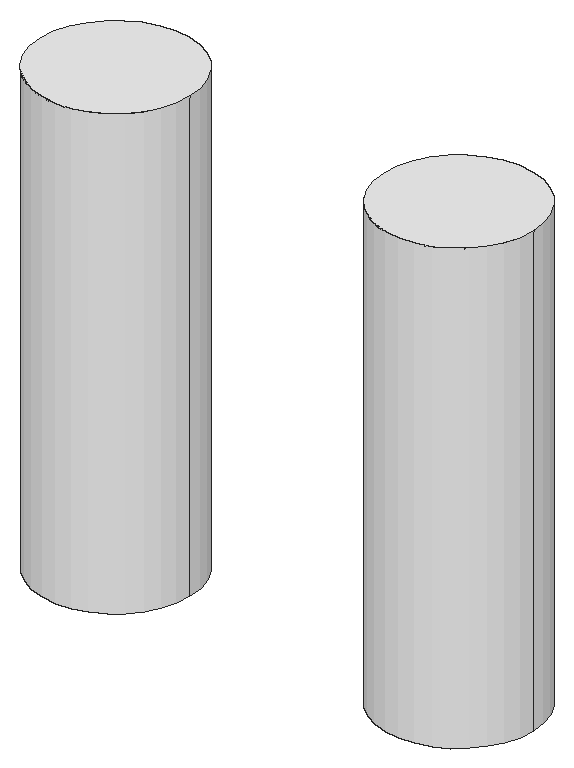
Revit family "5256226700006(2023)", category Plumbing Fixtures, Revit 2020
Family settings
  Round Connector Dimension = Use Diameter
  Part Type = Normal
  OmniClass Number = 23.45.55.00
  OmniClass Title = Sanitary Faucets, Wastes
  Work Plane-Based = No
  Always vertical = Yes
  Cut with Voids When Loaded = No
  Shared = No
  Room Calculation Point = No
Parameters (values of type "5256226700006 Washbasin faucet")
  Working Pressure = "50 - 1000 kPa"
  WarrantyStartDate [instance] = "n/a"
  WarrantyGuarantorParts = "n/a"
  WarrantyGuarantorLabor = "n/a"
  WarrantyDurationUnit = "Year"
  WarrantyDurationParts = "n/a"
  WarrantyDurationLabor = "n/a"
  WarrantyDescription = "http://warranty.hansa.com"
  Warranty Information URL = "http://warranty.hansa.com"
  VersionDate = "17/01/2024"
  Version = "1"
  ValvePattern = "n/a"
  ValveOperation = "n/a"
  ValveMechanism = "n/a"
  Uniclass2015Reference = "Pr_40_20_87_96"
  Uniclass2015Description = "Washbasin manual water supply sets"
  Uniclass2 = "Pr_40_30_96_96"
  URL REACH = "http://static.hansa.com/doc/reach"
  URL EcoLabel Declaration = "http://static.hansa.com/doc/EcoLabel"
  URL EU Packaging Declaration = "http://static.hansa.com/doc/packaging"
  URL Declaration of SCIP = "http://static.hansa.com/doc/SCIP"
  URL Declaration of Conformity = "http://static.hansa.com/DoC/5256226700006"
  URL Declaration of Asbestos = "http://static.hansa.com/doc/asbestos"
  URL Declaration Of Performance (DOP) = "http://static.hansa.com/doc/DoP"
  URL = ""
  UNSPSC Class Number = "30181700 Faucets or taps"
  Type Comments = ""
  TestPressure = "n/a"
  Temperature Adjustments = "Limitation option for maximum temperature and flow-rate ;Energy saving variation - cold water in the middle position"
  Technical DataSheet URL = "http://www.hansa.com/datasheet/5256226700006/en"
  TagNumber [instance] = "n/a"
  SustainabilityPerformance = "n/a"
  Surface treatment = "Chrome"
  Spout Type = "Fixed spout"
  Spout Projection = "114 mm"
  Size = "50x170x200 mm"
  Shape = "Sculptured"
  SerialNumber [instance] = "n/a"
  Sales Package dimensions (LxWxH) = "380 x 180 x 74"
  Revision = "n/a"
  ReplacementCost = "n/a"
  ProductInformation = "n/a"
  Product URL = "http://static.hansa.com/5256226700006"
  Product Image URL = "http://static.hansa.com/image/5256226700006"
  Product Family = "HANSAVANTIS XL"
  Product Code = "5256226700006"
  OperatingMechanismMaterial = "n/a"
  NominalWidth = 46.499 mm
  NominalHeight = 188.5 mm
  NominalDepth = 165.09 mm
  Name_en = "5256226700006 Washbasin faucet"
  Name = "5256226700006 Washbasin faucet"
  NBSReference = "45-35-70/371"
  NBSDescription = "Water supply fittings for wash basins and troughs"
  Mounting Holes = "1 hole"
  ModelReference = "5256226700006"
  ModelNumber = "n/a"
  Model = "5256226700006 Washbasin faucet"
  Mobile Product Information URL = "http://mpi.hansa.com/5256226700006"
  Mechanical Parts = "30Cartridge"
  Max. Hot Water Supply = 70 °C
  Material = "Brass"
  Market = "International;Germany;Austria;Belgium;Netherlands"
  ManufacturerURL = "http://www.hansa.com"
  ManufacturerName = "HANSA"
  Manufacturer = "HANSA"
  Lever Handle = "Single operating lever/handle;Pin shape;Hot/Cold symbols"
  Keynote = ""
  Interactive AR View URL = "https://static.hansa.com/AR/5256226700006"
  InstallationDate [instance] = "n/a"
  Installation and Maintenance Guide URL = "http://static.hansa.com/manual/5256226700006"
  Installation Type = "Deck mounted"
  InletConnectionSize = 10 mm
  IfcExportType = "FAUCET"  # constant formula
  IfcExportAs = "IfcValveType"  # constant formula
  Group = "Washbasin faucet"
  Grade = "n/a"
  FlowCoefficient = 0
  Finish = "Polished"
  Features = "Single-lever;"
  FaucetMainMaterial = Brass
  FDV Document URL = "http://www.hansa.com/datasheet/5256226700006/en/fdv"
  Extensions = "Pop-up waste with draw-rod"
  ExpectedLife = "n/a"
  ETIM Class Number = "EC011328 Washbasin mixing tap"
  EN Standard = "EN 817"
  EAN Number = "4057304020391"
  DurationUnit = "Year"
  Dimension Drawing URL = "http://static.hansa.com/dimdrw/5256226700006"
  Description = ""
  DefaultElevation [instance] = 900 mm
  Default Elevation = 0 mm
  Constituents = "n/a"
  Connection Size = "G3/8"
  Connection = "Flexible inlet pipes"
  Color = "Chrome"
  CodePerformance = "n/a"
  CloseOffRating = 0
  Catalog Drawing URL = "http://static.hansa.com/catdrw/5256226700006"
  Brand = "HANSA"
  BodyMaterial = "Brass"
  Barcode [instance] = "n/a"
  Backflow Prevention EN1717 = "AA"
  BIMObjectName = "5256226700006(2023)"
  Author = "BIMStone"
  AssetType = "Fixed"
  AssetIdentifier [instance] = "n/a"
  Aerator = "PCA® - constant flow rate regardless of pressure variations"
  Advanced Features = "Inner body made of DZR brass;3S-installation system for safe and simple mounting"
  AccessibilityPerformance = "n/a"
  3D View = "https://static.hansa.com/AR/5256226700006"
  2D/3D/BIM Files URL = "http://static.hansa.com/bim/5256226700006"
Reference planes
  plane 1 "Center (Front/Back)": y = 0
  plane 2: z = 0
  plane 3 "Center (Left/Right)": x = 0
  plane 4: x = -23.249
  plane 5: z = 900
  plane 6: z = 870
  plane 7: y = -165.09
  plane 8: x = 23.249
  plane 9: z = 1088.5
Forms (mm)
  Extrusion 1, solid, material "Brass" <- "FaucetMainMaterial"
    sketch origin (0, -17.5, 0) x (1, 0, 0) y (0, 1, 0)
      loop
        circle (-11.5, -22.5) r 5
      loop
        circle (11.5, -22.5) r 5
    from 870 to 900
Dimensions and locks
  "DefaultElevation": plane 5 to level
  locked: plane 5 to plane 6 at 30
  "NominalDepth": plane 7 to plane 1 "Center (Front/Back)"
  equal spacing: plane 4, plane 3 "Center (Left/Right)", plane 8
  "NominalHeight": plane 9 to plane 5
  "NominalWidth": plane 4 to plane 8
  "InletConnectionSize": diameter of Extrusion 1 sketch curve  (x2)
  aligned and locked: level to plane 2
  aligned and locked: plane 5 to Extrusion 1
  aligned and locked: Extrusion 1 to plane 6
  aligned and locked: plane 1 "Center (Front/Back)" to nested 2
  aligned and locked: plane 3 "Center (Left/Right)" to nested 2
  aligned and locked: plane 3 "Center (Left/Right)" to nested 1
  aligned and locked: plane 1 "Center (Front/Back)" to nested 1
  aligned and locked: plane 7 to nested 2
Automatic sketch dimensions
  Extrusion 1 sketch curve to plane 3 "Center (Left/Right)" = 11.5 mm
  plane 3 "Center (Left/Right)" to Extrusion 1 sketch curve = 11.5 mm
  plane 1 "Center (Front/Back)" to Extrusion 1 sketch curve = 40 mm  (x2)
Nested families
  nested 1: "Symbol" at (0, 0, 0), type "Symbol", detail levels coarse
  nested 2: "5256226700006" at (0, 0, 900), main material <- "FaucetMainMaterial", type "5256226700006.p"
    with main material Brass
Connectors
  piping at (-11.5, -40, 870), diameter 10, driven by "InletConnectionSize"
    settings: on Extrusion 1, index 1, connector inside diameter 609.6 mm, connector length 0 mm, flow factor 0, pipe flow 0.2 L/s, pressure drop 0.0 Pa, fitting loss kfactor 0, connector angle 0.00°, fixture units 0, engagement length 0 mm, angle of deflection 0.00°, flow configuration 1, flow direction 1, fitting loss method 0, system type 19, joint type 0, gender type 0, connector reference index -1, connector utility 0, adjustable connector no, is connector primary yes, connector description ""
  piping at (11.5, -40, 870), diameter 10, driven by "InletConnectionSize"
    settings: on Extrusion 1, index 2, connector inside diameter 609.6 mm, connector length 0 mm, flow factor 0, pipe flow 0.2 L/s, pressure drop 0.0 Pa, fitting loss kfactor 0, connector angle 0.00°, fixture units 0, engagement length 0 mm, angle of deflection 0.00°, flow configuration 1, flow direction 1, fitting loss method 0, system type 20, joint type 0, gender type 0, connector reference index -1, connector utility 0, adjustable connector no, is connector primary no, connector description ""
Definition of nested family "Symbol"
  Reference planes
    plane 1: y = 0
    plane 2: x = 0
  Lines and regions (mm)
    detail lines
      curve 1: line (0, 0, 0) -> (0, -1.8, 0)
      curve 2: line (-0.4, -1.1, 0) -> (0.4, -1.1, 0)
      curve 3: line (-0.4, -1.4, 0) -> (0.4, -1.4, 0)
      curve 4: line (0.863, 0, 0) -> (-0.863, 0, 0)
      curve 5: circle (-1.163, 0, 0) r 0.3 normal (0, 0, -1)
      curve 6: circle (1.163, 0, 0) r 0.3 normal (0, 0, 1)
Definition of nested family "5256226700006"
  Parameters (values of type "52562267(2022)Body")
    main material [instance] = none
    Default Elevation = 0 mm
  Reference planes
    plane 1 "Center (Front/Back)": y = 0
    plane 2: z = 0
    plane 3 "Center (Left/Right)": x = 0
    plane 4: z = 188.5
    plane 5: y = -165.09
    plane 6: x = -23.249
    plane 7: x = 23.249
  Forms (mm)
    Revolve 1, solid, material <- "main material", detail levels medium
      sketch origin (0, 0, 0) x (0, 1, 0) y (0, 0, 1)
        loop
          line (-16.75, 0) -> (-16.75, 188.5) -> (-40, 188.5) -> (-40, 0) -> (-16.75, 0)
        axis (-40, 0) -> (-40, 188.5)
      angle from 0 to 360
    Extrusion 2, solid, material <- "main material", detail levels medium
      sketch origin (0, 0, 0) x (0, 1, 0) y (0, 0, 1)
        loop
          line (0, 57.272) -> (-15.312, 57.272) -> (-17.343, 50.192) -> (-17.343, 27.748) -> (-10.614, 51.213) -> (0, 51.213) -> (0, 57.272)
      from -3.093 to 3.075
    Extrusion 3, solid, material <- "main material", detail levels medium
      sketch origin (0, 0, 0) x (0, 1, 0) y (0, 0, 1)
        loop
          line (-48.033, 188.5) -> (-127.502, 188.5) -> (-127.502, 178.5) -> (-48.033, 178.5) -> (-48.033, 188.5)
      from -5.227 to 5.272
    Revolve 4, solid, material <- "main material", detail levels medium
      sketch origin (0, 0, 0) x (0, 1, 0) y (0, 0, 1)
        loop
          line (-165.09, 94.201) -> (-48.813, 127.543) -> (-48.813, 145.614) -> (-165.09, 112.272) -> (-165.09, 94.201)
        axis (-44.025, 128.916) -> (-165.09, 94.201)
      angle from 0 to 360
    Extrusion 5, solid, material <- "main material", detail levels coarse
      sketch origin (0, 0, 0) x (1, 0, 0) y (0, 1, 0)
        loop
          line (23.249, -165.09) -> (23.249, 0) -> (-23.249, 0) -> (-23.249, -165.09) -> (23.249, -165.09)
      from 0 to 188.5
  Lines and regions (mm)
    symbolic lines, detail levels medium+fine
      curve 1: line (0, 0, 56.997) -> (0, 0, 51.997)
      curve 2: arc (0, 0, 51.997) -> (0, -0.135, 51.611) -> (0, -0.482, 51.393) r 0.619
      curve 3: line (0, -0.482, 51.393) -> (0, -10.693, 51.393)
      curve 4: line (0, -10.693, 51.393) -> (0, -16.75, 28.787)
      curve 5: line (0, -16.75, 0) -> (0, -16.75, 28.787)
      curve 6: line (0, -16.75, 0) -> (0, -63.25, 0)
      curve 7: line (0, -63.25, 0) -> (0, -63.25, 90.915)
      curve 8: arc (0, -63.25, 90.915) -> (0, -63.563, 94.395) -> (0, -64.49, 97.764) r 19.53
      curve 9: arc (0, -64.49, 97.764) -> (0, -67.534, 101.778) -> (0, -72.281, 103.464) r 8.795
      curve 10: arc (0, -72.281, 103.464) -> (0, -75.501, 103.361) -> (0, -78.66, 102.732) r 19.55
      curve 11: line (0, -78.66, 102.732) -> (0, -134.849, 89.229)
      curve 12: arc (0, -134.849, 89.229) -> (0, -135.8, 89.043) -> (0, -136.763, 88.938) r 11.377
      curve 13: arc (0, -136.763, 88.938) -> (0, -137.97, 89.088) -> (0, -139.036, 89.673) r 3.236
      curve 14: line (0, -139.036, 89.673) -> (0, -141.175, 91.442)
      curve 16: line (0, -159.634, 106.974) -> (0, -164.578, 111.122)
      curve 17: arc (0, -164.578, 111.122) -> (0, -165.072, 112.442) -> (0, -164.196, 113.547) r 1.432
      curve 18: line (0, -164.196, 113.547) -> (0, -74.061, 137.25)
      curve 19: arc (0, -74.061, 137.25) -> (0, -71.402, 138.021) -> (0, -68.784, 138.923) r 55.545
      curve 20: arc (0, -68.784, 138.923) -> (0, -66.737, 140.155) -> (0, -65.274, 142.043) r 6.496
      curve 21: arc (0, -65.274, 142.043) -> (0, -64.024, 145.164) -> (0, -63.376, 148.464) r 18.005
      curve 22: arc (0, -63.376, 148.464) -> (0, -63.202, 148.829) -> (0, -62.836, 149) r 0.599
      curve 23: line (0, -62.836, 149) -> (0, -61.853, 149)
      curve 24: arc (0, -17.249, 149) -> (0, -16.896, 148.854) -> (0, -16.75, 148.501) r 0.499
      curve 25: line (0, -16.75, 148.501) -> (0, -16.75, 51.91)
      curve 26: arc (0, -0.541, 57.433) -> (0, -0.166, 57.344) -> (0, 0, 56.997) r 0.446
      curve 27: line (0, -0.541, 57.433) -> (0, -15.27, 57.433)
      curve 28: line (0, -15.27, 57.433) -> (0, -16.75, 51.91)
      curve 29: line (0, -142.134, 89.999) -> (0, -141.175, 91.442)
      curve 30: line (0, -142.134, 89.999) -> (0, -142.967, 90.553)
      curve 31: line (0, -142.967, 90.553) -> (0, -145.101, 87.342)
      curve 32: line (0, -145.101, 87.342) -> (0, -163.446, 99.533)
      curve 33: line (0, -163.446, 99.533) -> (0, -161.225, 102.876)
      curve 34: line (0, -161.225, 102.876) -> (0, -162.031, 103.42)
      curve 35: line (0, -162.031, 103.42) -> (0, -159.634, 106.974)
      curve 36: arc (0, -17.987, 149.268) -> (0, -19.25, 153.278) -> (0, -21.128, 157.04) r 26.694
      curve 37: arc (0, -18.157, 149) -> (0, -18.016, 149.098) -> (0, -17.987, 149.268) r 0.223
      curve 38: arc (0, -61.564, 151.011) -> (0, -61.796, 150.134) -> (0, -61.972, 149.244) r 14.476
      curve 39: arc (0, -61.972, 149.244) -> (0, -61.951, 149.103) -> (0, -61.853, 149) r 0.235
      curve 43: line (0, -21.128, 157.04) -> (0, -16.955, 158.396)
      curve 44: arc (0, -16.955, 158.396) -> (0, -16.761, 158.537) -> (0, -16.688, 158.765) r 0.387
      curve 45: line (0, -16.688, 158.765) -> (0, -16.688, 186.899)
      curve 46: arc (0, -16.688, 186.899) -> (0, -17.07, 187.945) -> (0, -18.035, 188.5) r 1.625
      curve 47: line (0, -18.035, 188.5) -> (0, -58.349, 188.5)
      curve 48: arc (0, -125.557, 188.5) -> (0, -126.951, 187.911) -> (0, -127.502, 186.502) r 1.945
      curve 49: line (0, -127.502, 186.502) -> (0, -127.502, 180.002)
      curve 50: arc (0, -127.502, 180.002) -> (0, -126.915, 178.586) -> (0, -125.499, 177.999) r 2.003
      curve 51: line (0, -125.499, 177.999) -> (0, -69.048, 177.999)
      curve 52: arc (0, -69.048, 177.999) -> (0, -67.676, 177.959) -> (0, -66.308, 177.837) r 23.276
      curve 53: arc (0, -66.308, 177.837) -> (0, -65.171, 177.489) -> (0, -64.228, 176.764) r 3.341
      curve 54: arc (0, -64.228, 176.764) -> (0, -63.583, 175.727) -> (0, -63.349, 174.529) r 3.389
      curve 55: line (0, -63.349, 174.529) -> (0, -63.349, 171.063)
      curve 56: line (0, -61.564, 151.011) -> (0, -63.129, 151.011)
      curve 57: arc (0, -63.349, 151.398) -> (0, -63.29, 151.175) -> (0, -63.129, 151.011) r 0.451
      curve 62: line (0, -63.349, 171.063) -> (0, -63.349, 151.398)
      curve 63: line (0, -58.349, 188.5) -> (0, -125.557, 188.5)
      curve 64: line (0, -18.157, 149) -> (0, -17.249, 149)
      curve 66: line (0, 0, 0) -> (-23.249, 0, 0)
      curve 67: line (-23.249, 0, 0) -> (-23.249, 0, 148.48)
      curve 68: arc (-23.249, 0, 148.48) -> (-23.104, 0, 148.841) -> (-22.749, 0, 149) r 0.521
      curve 69: line (-22.749, 0, 149) -> (-21.762, 0, 149)
      curve 71: line (-21.57, 0, 150.999) -> (-22.008, 0, 149.241)
      curve 72: arc (-22.008, 0, 149.241) -> (-21.954, 0, 149.05) -> (-21.762, 0, 149) r 0.2
      curve 74: line (-21.57, 0, 150.999) -> (-22.795, 0, 150.999)
      curve 75: arc (-22.795, 0, 150.999) -> (-23.118, 0, 151.133) -> (-23.249, 0, 151.458) r 0.455
      curve 76: line (-23.249, 0, 151.458) -> (-23.249, 0, 186.987)
      curve 77: arc (-23.249, 0, 186.987) -> (-22.79, 0, 188.073) -> (-21.689, 0, 188.5) r 1.514
      curve 78: line (-21.689, 0, 188.5) -> (-11.618, 0, 188.5)
      curve 95: line (-11.618, 0, 188.5) -> (0, 0, 188.5)
      curve 97: line (0, 0, 0) -> (23.249, 0, 0)
      curve 98: line (23.249, 0, 0) -> (23.249, 0, 148.48)
      curve 99: arc (23.249, 0, 148.48) -> (23.104, 0, 148.841) -> (22.749, 0, 149) r 0.521
      curve 100: line (22.749, 0, 149) -> (21.762, 0, 149)
      curve 102: line (21.57, 0, 150.999) -> (22.008, 0, 149.241)
      curve 104: line (21.57, 0, 150.999) -> (22.795, 0, 150.999)
      curve 105: line (23.249, 0, 151.458) -> (23.249, 0, 186.987)
      curve 106: arc (23.249, 0, 186.987) -> (22.79, 0, 188.073) -> (21.689, 0, 188.5) r 1.514
      curve 107: line (21.689, 0, 188.5) -> (11.618, 0, 188.5)
      curve 124: line (11.618, 0, 188.5) -> (0, 0, 188.5)
      curve 126: arc (22.795, 0, 150.999) -> (23.116, 0, 151.135) -> (23.249, 0, 151.458) r 0.459
      curve 127: arc (22.008, 0, 149.241) -> (21.954, 0, 149.05) -> (21.762, 0, 149) r 0.2
      curve 129: line (0, 0, 0) -> (-2.478, 0, 0)
      curve 130: arc (-2.478, 0, 0) -> (-2.843, -0.151, 0) -> (-2.994, -0.516, 0) r 0.516
      curve 131: line (-2.994, -0.516, 0) -> (-2.994, -16.907, 0)
      curve 133: line (-15.47, -149.784, 0) -> (-16.258, -68.991, 0)
      curve 134: arc (-16.258, -68.991, 0) -> (-17.229, -60.274, 0) -> (-19.933, -51.929, 0) r 43.4
      curve 135: arc (0, -165.09, 0) -> (-10.885, -160.621, 0) -> (-15.47, -149.784, 0) r 15.456
      curve 142: arc (-2.994, -16.907, 0) -> (-20.93, -29.84, 0) -> (-19.933, -51.929, 0) r 23.249
      curve 143: line (0, 0, 0) -> (2.478, 0, 0)
      curve 144: arc (2.478, 0, 0) -> (2.843, -0.151, 0) -> (2.994, -0.516, 0) r 0.516
      curve 145: line (2.994, -0.516, 0) -> (2.994, -16.907, 0)
      curve 147: line (15.47, -149.784, 0) -> (16.258, -68.991, 0)
      curve 148: arc (16.258, -68.991, 0) -> (17.229, -60.274, 0) -> (19.933, -51.929, 0) r 43.4
      curve 149: arc (0, -165.09, 0) -> (10.885, -160.621, 0) -> (15.47, -149.784, 0) r 15.456
      curve 156: arc (2.994, -16.907, 0) -> (20.93, -29.84, 0) -> (19.933, -51.929, 0) r 23.249
    symbolic lines, detail levels fine
      curve 15: line (0, -141.157, 91.47) -> (0, -159.634, 106.974)
      curve 40: line (0, -61.564, 151.011) -> (0, -41.564, 151.011)
      curve 41: arc (0, -41.564, 151.011) -> (0, -39.972, 151.118) -> (0, -38.409, 151.436) r 11.906
      curve 42: line (0, -38.409, 151.436) -> (0, -21.128, 157.04)
      curve 58: arc (0, -58.349, 188.5) -> (0, -59.436, 179.376) -> (0, -63.349, 171.063) r 28.719
      curve 59: arc (0, -63.25, 90.915) -> (0, -50.953, 118.692) -> (0, -53.008, 149) r 63.323
      curve 60: line (0, -16.75, 51.91) -> (0, -16.75, 28.787)
      curve 61: line (0, -53.008, 149) -> (0, -18.157, 149)
      curve 65: line (0, -61.853, 149) -> (0, -53.008, 149)
      curve 70: line (-21.762, 0, 149) -> (-18.967, 0, 149)
      curve 73: line (-21.57, 0, 150.999) -> (0, 0, 150.999)
      curve 79: arc (0, 0, 186.505) -> (-3.228, 0, 183.277) -> (0, 0, 180.048) r 3.228
      curve 80: arc (0, 0, 188.5) -> (-5.251, 0, 183.249) -> (0, 0, 177.997) r 5.251
      curve 81: arc (-11.618, 0, 188.5) -> (-9.988, 0, 177.468) -> (0, 0, 172.508) r 12.038
      curve 82: line (-16.304, 0, 122.675) -> (-15.428, 0, 101.82)
      curve 83: arc (-15.428, 0, 101.82) -> (-14.457, 0, 97.447) -> (-12.032, 0, 93.68) r 12.744
      curve 84: line (-12.032, 0, 93.68) -> (-12.032, 0, 98.11)
      curve 85: arc (-12.032, 0, 98.11) -> (-8.551, 0, 106.886) -> (0, 0, 110.891) r 12.805
      curve 86: arc (-11.385, 0, 91.621) -> (-11.866, 0, 92.601) -> (-12.032, 0, 93.68) r 3.601
      curve 87: arc (-8.583, 0, 89.201) -> (-10.136, 0, 90.235) -> (-11.385, 0, 91.621) r 7.496
      curve 88: arc (0, 0, 87.397) -> (-4.408, 0, 87.748) -> (-8.583, 0, 89.201) r 17.336
      curve 89: arc (-12.032, 0, 93.68) -> (-11.658, 0, 95.573) -> (-10.593, 0, 97.181) r 4.98
      curve 90: arc (-10.593, 0, 97.181) -> (-7.933, 0, 99.128) -> (-4.795, 0, 100.143) r 10.38
      curve 91: line (-4.795, 0, 100.143) -> (-4.795, 0, 102.861)
      curve 92: arc (-4.795, 0, 102.861) -> (-2.414, 0, 103.283) -> (0, 0, 103.425) r 20.668
      curve 93: arc (-4.795, 0, 100.143) -> (-2.41, 0, 99.775) -> (0, 0, 99.653) r 23.665
      curve 94: arc (-14.457, 0, 97.447) -> (-20.597, 0, 122.884) -> (-18.967, 0, 149) r 87.789
      curve 96: line (-18.967, 0, 149) -> (0, 0, 149)
      curve 101: line (21.762, 0, 149) -> (18.967, 0, 149)
      curve 103: line (21.57, 0, 150.999) -> (0, 0, 150.999)
      curve 108: arc (0, 0, 186.505) -> (3.228, 0, 183.277) -> (0, 0, 180.048) r 3.228
      curve 109: arc (0, 0, 188.5) -> (5.251, 0, 183.249) -> (0, 0, 177.997) r 5.251
      curve 110: arc (11.618, 0, 188.5) -> (9.988, 0, 177.468) -> (0, 0, 172.508) r 12.038
      curve 111: line (16.304, 0, 122.675) -> (15.428, 0, 101.82)
      curve 112: arc (15.428, 0, 101.82) -> (14.457, 0, 97.447) -> (12.032, 0, 93.68) r 12.744
      curve 113: line (12.032, 0, 93.68) -> (12.032, 0, 98.11)
      curve 114: arc (12.032, 0, 98.11) -> (8.551, 0, 106.886) -> (0, 0, 110.891) r 12.805
      curve 115: arc (11.385, 0, 91.621) -> (11.866, 0, 92.601) -> (12.032, 0, 93.68) r 3.601
      curve 116: arc (8.583, 0, 89.201) -> (10.136, 0, 90.235) -> (11.385, 0, 91.621) r 7.496
      curve 117: arc (0, 0, 87.397) -> (4.408, 0, 87.748) -> (8.583, 0, 89.201) r 17.336
      curve 118: arc (12.032, 0, 93.68) -> (11.658, 0, 95.573) -> (10.593, 0, 97.181) r 4.98
      curve 119: arc (10.593, 0, 97.181) -> (7.933, 0, 99.128) -> (4.795, 0, 100.143) r 10.38
      curve 120: line (4.795, 0, 100.143) -> (4.795, 0, 102.861)
      curve 121: arc (4.795, 0, 102.861) -> (2.414, 0, 103.283) -> (0, 0, 103.425) r 20.668
      curve 122: arc (4.795, 0, 100.143) -> (2.41, 0, 99.775) -> (0, 0, 99.653) r 23.665
      curve 123: arc (14.457, 0, 97.447) -> (20.597, 0, 122.884) -> (18.967, 0, 149) r 87.789
      curve 125: line (18.967, 0, 149) -> (0, 0, 149)
      curve 128: arc (-16.304, 0, 122.675) -> (0, 0, 138.978) -> (16.304, 0, 122.675) r 16.304
      curve 132: arc (0, -16.713, 0) -> (-1.5, -16.762, 0) -> (-2.994, -16.907, 0) r 23.249
      curve 136: line (-5.37, -125.491, 0) -> (-5.37, -70.491, 0)
      curve 137: arc (-5.37, -70.491, 0) -> (-6.5, -65.324, 0) -> (-9.682, -61.1, 0) r 12.381
      curve 138: arc (-3.25, -127.502, 0) -> (-4.742, -126.952, 0) -> (-5.37, -125.491, 0) r 2.013
      curve 139: line (-3.25, -127.502, 0) -> (0, -127.502, 0)
      curve 140: arc (-9.682, -61.1, 0) -> (-4.955, -62.678, 0) -> (0, -63.212, 0) r 23.249
      curve 141: arc (-19.933, -51.929, 0) -> (-15.502, -57.29, 0) -> (-9.682, -61.1, 0) r 23.249
      curve 146: arc (0, -16.713, 0) -> (1.5, -16.762, 0) -> (2.994, -16.907, 0) r 23.249
      curve 150: line (5.37, -125.491, 0) -> (5.37, -70.491, 0)
      curve 151: arc (5.37, -70.491, 0) -> (6.5, -65.324, 0) -> (9.682, -61.1, 0) r 12.381
      curve 152: arc (3.25, -127.502, 0) -> (4.742, -126.952, 0) -> (5.37, -125.491, 0) r 2.013
      curve 153: line (3.25, -127.502, 0) -> (0, -127.502, 0)
      curve 154: arc (9.682, -61.1, 0) -> (4.955, -62.678, 0) -> (0, -63.212, 0) r 23.249
      curve 155: arc (19.933, -51.929, 0) -> (15.502, -57.29, 0) -> (9.682, -61.1, 0) r 23.249
  Dimensions and locks
    aligned and locked: level to plane 2
